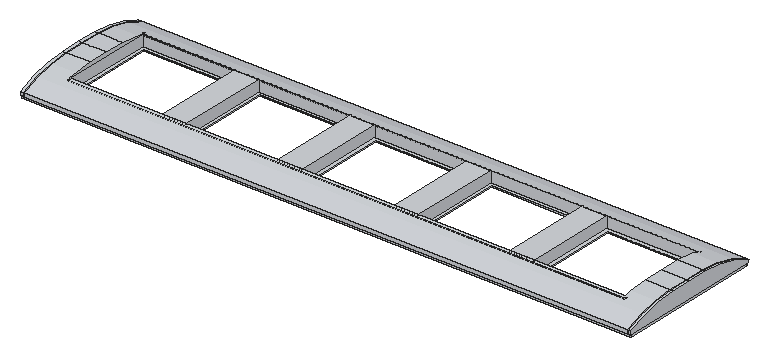
Revit family "Gira_0215778", category Electrical Fixtures, host Face, Revit 2017
Family settings
  Host = Face
  Maintain Annotation Orientation = No
  Round Connector Dimension = Use Diameter
  Part Type = Normal
  Cut with Voids When Loaded = No
  Shared = No
  Room Calculation Point = No
Parameters (values of type "Cov.fr. 5-g interm.fr. AN Gira Event Clear sand")
  With mounting grid = "No"
  With hinged lid = "No"
  URL = "http://katalog.gira.de/en/datenblatt.html?artikelnr=0215778"
  Type of fastening = "Clamp mounting"
  Transparent = "No"
  Surface protection = "Other"
  Surface finishing = "Glossy"
  Suitable for wall duct = "No"
  Suitable for flush-mounted installation = "Yes"
  Suitable for floor box = "No"
  Suitable for built-in installation = "No"
  Number of units vertical = "5"
  Number of units horizontal = "5"
  Number of units = "5"
  Name = "Cov.fr. 5-g interm.fr. AN Gira Event Clear sand"
  Mounting direction = "Horizontal and vertical"
  Material quality = "Thermoplastic"
  Material = "Plastic"
  Manufacturer URL = "https://www.gira.de/"
  Manufacturer = "Gira"
  Label space/information surface = "No"
  Keynote = ""
  HeinzeBIM = "https://bimportal.heinze.de/bim/cov-fr-5-g-interm-fr-an-gira-event-clear-sand/d6cd7397347346781c0d32f03a696105083d8dba"
  Halogen free = "Yes"
  HAN = "0215778"
  GTIN = "4010337069959"
  Description = "Cov.fr.5g i.fr.AN EvCl SD,Gira Event Clear cover frame,sand with anthracite intermediate frame,5-gang,Features:,- Shatter-proof."
  Degree of protection (IP) = "IP20"
  Default Elevation = 1219.2 mm
  Data sheet (1) = "https://katalog.gira.de/en/download.html?artikelnr=0215778"
  Colour = "Other"
  Category = "Cover frame for domestic switching devices"
  BIM (1) = "https://media.stage.bim.site/public/gira/36a6b08/Event_Rahmen_5fach.rfa"
  Available = "No"
Reference planes
  plane 1 "Center (Front/Back)": y = 0
  plane 2: z = 0
  plane 3 "Center (Left/Right)": x = 0
Forms (mm)
  Extrusion 1, solid, detail levels fine
    sketch origin (0, 0, 0.05) x (0, 1, 0) y (0, 0, 1)
      loop
        arc (12.445, 9.683) -> (6.223, 9.833) -> (0, 9.85) r 291.636
        arc (0, 9.85) -> (-6.223, 9.833) -> (-12.445, 9.683) r 291.636
        arc (-12.445, 9.683) -> (-29.14, 7.482) -> (-45, 1.823) r 79.728
        line (-45, 1.823) -> (-45, -0.05) -> (-42.086, -0.05)
        arc (-42.086, -0.05) -> (-21.385, 5.559) -> (0, 7.206) r 114.424
        arc (0, 7.206) -> (21.385, 5.559) -> (42.086, -0.05) r 114.424
        line (42.086, -0.05) -> (45, -0.05) -> (45, 1.823)
        arc (45, 1.823) -> (29.14, 7.482) -> (12.445, 9.683) r 79.728
    from -185.578 to 185.593
  Extrusion 2, void, detail levels fine
    sketch origin (0, 0, 0) x (1, 0, 0) y (0, 1, 0)
      loop
        line (170.607, 28) -> (-170.593, 28) -> (-170.593, -28) -> (170.607, -28) -> (170.607, 28)
    from 0.724 to 11
  Extrusion 3, solid, detail levels coarse
    sketch origin (0, 0, 0) x (1, 0, 0) y (0, 1, 0)
      loop
        line (-187.578, 45) -> (-187.578, -45) -> (187.593, -45) -> (187.593, 45) -> (-187.578, 45)
    from -1.5 to 9.9
  Extrusion 4, solid, detail levels medium
    sketch origin (0, 0, 0.05) x (0, 1, 0) y (0, 0, 1)
      loop
        arc (12.445, 9.683) -> (6.223, 9.833) -> (0, 9.85) r 291.636
        arc (0, 9.85) -> (-6.223, 9.833) -> (-12.445, 9.683) r 291.636
        arc (-12.445, 9.683) -> (-29.14, 7.482) -> (-45, 1.823) r 79.728
        line (-45, 1.823) -> (-45, -0.05) -> (45, -0.05) -> (45, 1.823)
        arc (45, 1.823) -> (29.14, 7.482) -> (12.445, 9.683) r 79.728
    from -187.578 to 187.593
  Extrusion 5, solid, detail levels fine
    sketch origin (-142.578, 0, -1.5) x (0, 1, 0) y (0, 0, -1)
      loop
        line (45, -3.373) -> (45, -1.5) -> (-45, -1.5) -> (-45, -3.373)
        arc (-45, -3.373) -> (-29.14, -9.032) -> (-12.445, -11.233) r 79.728
        arc (-12.445, -11.233) -> (-6.223, -11.383) -> (0, -11.4) r 291.636
        arc (0, -11.4) -> (6.223, -11.383) -> (12.445, -11.233) r 291.636
        arc (12.445, -11.233) -> (29.14, -9.032) -> (45, -3.373) r 79.728
    from 43 to 45
  Extrusion 6, solid, detail levels fine
    sketch origin (0, 0, 0) x (1, 0, 0) y (0, 1, 0)
      loop
        line (-168.493, 25.7) -> (-168.493, -25.7) -> (-116.693, -25.7) -> (-116.693, 25.7) -> (-168.493, 25.7)
      loop
        line (-45.398, -25.7) -> (-45.398, 25.7) -> (-97.198, 25.7) -> (-97.198, -25.7) -> (-45.398, -25.7)
      loop
        line (-171.487, 28.49) -> (-171.487, -28.495)
        spline (-171.487, -28.495) -> (-171.479, -28.625) -> (-171.453, -28.754) -> (-171.411, -28.878) -> (-171.353, -28.995) -> (-171.281, -29.104) -> (-171.194, -29.202) -> (-171.096, -29.288) -> (-170.987, -29.361) -> (-170.87, -29.419) -> (-170.746, -29.461) -> (-170.618, -29.486) -> (-170.487, -29.495)
        line (-170.487, -29.495) -> (170.502, -29.495)
        spline (170.502, -29.495) -> (170.633, -29.486) -> (170.761, -29.461) -> (170.885, -29.419) -> (171.002, -29.361) -> (171.111, -29.288) -> (171.209, -29.202) -> (171.296, -29.104) -> (171.368, -28.995) -> (171.426, -28.878) -> (171.468, -28.754) -> (171.494, -28.625) -> (171.502, -28.495)
        line (171.502, -28.495) -> (171.502, 28.49)
        spline (171.502, 28.49) -> (171.494, 28.62) -> (171.468, 28.748) -> (171.426, 28.872) -> (171.368, 28.99) -> (171.296, 29.098) -> (171.209, 29.197) -> (171.111, 29.283) -> (171.002, 29.356) -> (170.885, 29.413) -> (170.761, 29.456) -> (170.633, 29.481) -> (170.502, 29.49)
        line (170.502, 29.49) -> (-170.487, 29.49)
        spline (-170.487, 29.49) -> (-170.618, 29.481) -> (-170.746, 29.456) -> (-170.87, 29.413) -> (-170.987, 29.356) -> (-171.096, 29.283) -> (-171.194, 29.197) -> (-171.281, 29.098) -> (-171.353, 28.99) -> (-171.411, 28.872) -> (-171.453, 28.748) -> (-171.479, 28.62) -> (-171.487, 28.49)
      loop
        line (25.902, -25.7) -> (25.902, 25.7) -> (-25.898, 25.7) -> (-25.898, -25.7) -> (25.902, -25.7)
      loop
        line (97.207, -25.7) -> (97.207, 25.7) -> (45.407, 25.7) -> (45.407, -25.7) -> (97.207, -25.7)
      loop
        line (168.507, -25.7) -> (168.507, 25.7) -> (116.707, 25.7) -> (116.707, -25.7) -> (168.507, -25.7)
    from 0.1 to 7.3
  Extrusion 7, solid
    sketch origin (0, 0, 0) x (1, 0, 0) y (0, 1, 0)
      loop
        arc (-187.293, -44.218) -> (-187.146, -44.572) -> (-186.793, -44.718) r 0.5
        line (-186.793, -44.718) -> (186.807, -44.718)
        arc (186.807, -44.718) -> (187.161, -44.572) -> (187.307, -44.218) r 0.5
        line (187.307, -44.218) -> (187.307, 44.182)
        arc (187.307, 44.182) -> (187.161, 44.535) -> (186.807, 44.682) r 0.5
        line (186.807, 44.682) -> (-186.793, 44.682)
        arc (-186.793, 44.682) -> (-187.146, 44.535) -> (-187.293, 44.182) r 0.5
        line (-187.293, 44.182) -> (-187.293, -44.218)
      loop
        line (-185.593, 42.982) -> (-185.593, -43.018) -> (185.607, -43.018) -> (185.607, 42.982) -> (-185.593, 42.982)
    from -1.5 to 0.5
  Extrusion 8, solid, detail levels fine
    sketch origin (142.593, 0, -1.5) x (0, 1, 0) y (0, 0, 1)
      loop
        arc (45, 3.373) -> (29.14, 9.032) -> (12.445, 11.233) r 79.728
        arc (12.445, 11.233) -> (6.223, 11.383) -> (0, 11.4) r 291.636
        arc (0, 11.4) -> (-6.223, 11.383) -> (-12.445, 11.233) r 291.636
        arc (-12.445, 11.233) -> (-29.14, 9.032) -> (-45, 3.373) r 79.728
        line (-45, 3.373) -> (-45, 1.5) -> (45, 1.5) -> (45, 3.373)
    from 43 to 45
  Extrusion 9, solid, detail levels medium
    sketch origin (0, 0, 0) x (1, 0, 0) y (0, 1, 0)
      loop
        line (-187.293, -44.718) -> (187.307, -44.718) -> (187.307, 44.682) -> (-187.293, 44.682) -> (-187.293, -44.718)
    from -1.5 to 0.5
  Extrusion 10, solid, detail levels fine
    sketch origin (-105.5, 0, 0) x (1, 0, 0) y (0, 1, 0)
      loop
        line (-8.943, 28.063) -> (-8.943, -27.937) -> (6.057, -27.937) -> (6.057, 28.063) -> (-8.943, 28.063)
    from 0.724 to 7.566
  Extrusion 11, solid, detail levels fine
    sketch origin (-37.085, 0, 0) x (-1, 0, 0) y (0, -1, 0)
      loop
        line (-8.943, -28.063) -> (6.057, -28.063) -> (6.057, 27.937) -> (-8.943, 27.937) -> (-8.943, -28.063)
    from 0.724 to 7.566
  Extrusion 12, solid, detail levels fine
    sketch origin (105.5, 0, 0) x (-1, 0, 0) y (0, -1, 0)
      loop
        line (-8.943, -28.063) -> (6.057, -28.063) -> (6.057, 27.937) -> (-8.943, 27.937) -> (-8.943, -28.063)
    from 0.724 to 7.566
  Extrusion 13, solid, detail levels fine
    sketch origin (37.085, 0, 0) x (1, 0, 0) y (0, 1, 0)
      loop
        line (-8.943, 28.063) -> (-8.943, -27.937) -> (6.057, -27.937) -> (6.057, 28.063) -> (-8.943, 28.063)
    from 0.724 to 7.566
Cuts and joins
  Extrusion 2 cuts Extrusion 1
  Extrusion 2 cuts Extrusion 6
Dimensions and locks
  aligned and locked: plane 2 to host face
  aligned and locked: level to host face
